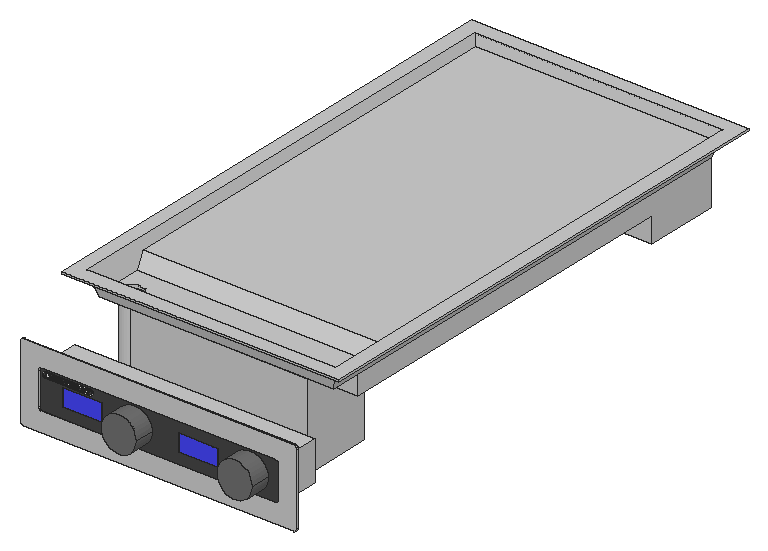
Revit family "QF_ADVENTYS_P2IM_8000_251211012235", category Specialty Equipment, Revit 2021
Family settings
  Round Connector Dimension = Use Diameter
  Part Type = Normal
  OmniClass Number = 23.40.40.14
  OmniClass Title = Food Service Equipment
  Work Plane-Based = No
  Always vertical = Yes
  Cut with Voids When Loaded = No
  Shared = No
  Room Calculation Point = No
Parameters (values of type "ADV2137")
  Weight in Pounds [instance] = 0
  Weight = 50.00 kg
  Warranty Start Date [instance] = ""
  Warranty Duration [instance] = ""
  Volts [instance] = 400 V
  URL Recommended Spares List = ""
  URL Manufacturer = ""
  URL Cutsheet = ""
  URL Critical Spares List = ""
  URL = "www.adventys.com"
  Tag Number [instance] = ""
  Status [instance] = ""
  Specification by User [instance] = ""
  Specification by Manufacturer [instance] = ""
  Sound Level [instance] = ""
  Solid Fuel Type [instance] = ""
  Service Life Duration [instance] = ""
  Serial Number [instance] = ""
  Seismic Rating [instance] = ""
  SMACNA No [instance] = ""
  Revision Code [instance] = ""
  Revision [instance] = ""
  Production Year [instance] = ""
  Point Load [instance] = 0
  Phase [instance] = 3
  Other Equipment Approvals [instance] = ""
  Number of Poles [instance] = 3
  NAFEM Spec ID Number [instance] = ""
  Model Warning [instance] = ""
  Model = "P2IM 8000"
  Min Ckt Ampacity [instance] = 0 A
  Max Overcurrent Protection [instance] = 16 A
  Masterspec [instance] = ""
  Manufacturer = "ADVENTYS"
  Length Actual = 394 mm
  Item Number [instance] = ""
  Installed By [instance] = ""
  Installation Date [instance] = ""
  Identify Quantity as Lot [instance] = no
  ID [instance] = ""
  Hygiene Approval [instance] = ""
  Hot Water Consumption = 0.0 L/s
  Height Actual = 158 mm
  HP power [instance] = ""
  Furnished By [instance] = ""
  Foodservice Equipment Identifier [instance] = no
  FL Amps [instance] = 12 A
  Electrical Remarks [instance] = "Plug not included"
  Electric power [instance] = 0 W
  Electric Connection Type [instance] = "Cord&Plug"
  Elec Conn RI Height [instance] = 0 mm
  Elec Conn Connection Height [instance] = 0 mm
  ETL Approved [instance] = no
  Description = "2 ZONES INDUCTION PLANCHA KIT"
  Depth Actual = 730 mm
  Default Elevation = 0 mm
  Cycle [instance] = 50 Hz
  Cost = 0
  Conn Plug [instance] = ""
  Conn Conduit [instance] = no
  CSI MasterFormat [instance] = ""
  CE Approved [instance] = no
  Barcode [instance] = 0
  Author [instance] = ""
  Asset Identifier [instance] = ""
  Apparent Power [instance] = 8000 VA
  Accessory = no
Reference planes
  plane 1 "Center (Front/Back)": y = 0
  plane 2: z = 0
  plane 3 "Center (Left/Right)": x = 0
Forms (mm)
  Extrusion 1, solid, not visible
    sketch origin (197.01, -625.031, -153.007) x (1, 0, 0) y (0, 1, 0)
      loop
        line (-2, 2) -> (-2, -2) -> (2, -2) -> (2, 2) -> (-2, 2)
    from -2 to 2
Dimensions and locks
  locked: nested 2 to Extrusion 1 at 2  (x2)
  aligned and locked: level to plane 2
Nested families
  nested 1: "QF_ADVENTYS_ADV2137_2916" at (0, 0, 0), type "ADV2137"
    with Status "", Show Logo yes, Show Clearance yes
  nested 2: "CONN_POINT_ELE_2D___Generic_Annotation" at (197.01, -625.031, -155.008), type "CONN_POINT_ELE_2D___Generic_Annotation"
    with Onboard connection annotation symbol visibility yes
Connectors
  electrical at (197.01, -625.031, -155.008), driven by "Apparent Power", driven by "Number of Poles", driven by "Volts"
    settings: on Extrusion 1, index 1, voltage 400 V, apparent load 0 VA, apparent load phase1 8000 VA, apparent load phase2 0 VA, apparent load phase3 0 VA, power factor 1, load classification "Other", number of poles 3, system type 31, power factor state 1, is connector primary yes, connector utility no, sub classification motor no, connector description "Electrical connection for P2IM 8000"
Definition of nested family "QF_ADVENTYS_ADV2137_2916"
  Parameters (values of type "ADV2137")
    URL = "www.adventys.com"
    Status [instance] = ""
    Show Logo [instance] = yes
    Show Clearance [instance] = yes
    Model = "P2IM 8000"
    Manufacturer = "ADVENTYS"
    Description = "2 ZONES INDUCTION PLANCHA KIT"
    Default Elevation = 0 mm
    Author = "SPECIFI"
    Assembly Code = "E1090320"
  Reference planes
    plane 1 "Back": y = 0
    plane 2: z = 0
    plane 3 "Left": x = 0
    plane 4 "Right": x = 394
    plane 5 "Front": y = -730
    plane 6 "Top": z = 0
    plane 7: x = 20
    plane 8: y = -774
    plane 9: x = 774
    plane 10: y = -20
  Forms (mm)
    Extrusion 1, solid
      sketch origin (0, 0, 0) x (1, 0, 0) y (0, 1, 0)
        loop
          line (0, 0) -> (0, -730) -> (394, -730) -> (394, 0) -> (0, 0)
        loop
          line (20, -20) -> (20, -710) -> (374, -710) -> (374, -20) -> (20, -20)
      from 0 to 2.5
    Extrusion 2, solid
      sketch origin (-2.5, 0, -32.5) x (1, 0, 0) y (0, 1, 0)
        loop
          line (32.5, -30) -> (32.5, -700) -> (366.5, -700) -> (366.5, -30) -> (32.5, -30)
        loop
          circle (58.944, -673.979) r 15
      from 0.02 to 5
    Extrusion 3, solid
      sketch origin (-26.583, 36.958, -160.53) x (1, 0, 0) y (0, 1, 0)
        loop
          circle (83.025, -710.938) r 16
        loop
          circle (83.025, -710.938) r 15
      from 5.53 to 128.05
    Extrusion 4, solid
      sketch origin (-30.462, 26.938, -160.53) x (0, 1, 0) y (0, 0, 1)
        loop
          line (-726.938, 128.05) -> (-726.938, 5.53) -> (-626.938, 5.53) -> (-626.938, 100.293) -> (-684.605, 100.293) -> (-684.605, 128.05) -> (-726.938, 128.05)
      from 105.003 to 356.962
    Extrusion 5, solid
      sketch origin (-394.544, 0, -160.53) x (0, 1, 0) y (0, 0, 1)
        loop
          line (-30, 128.05) -> (-657.668, 128.05) -> (-657.668, 100.293) -> (-134.785, 100.293) -> (-134.785, 65.293) -> (-30, 65.293) -> (-30, 128.05)
      from 424.544 to 758.544
    Extrusion 6, solid
      sketch origin (-43.52, 0, -160.53) x (0, 1, 0) y (0, 0, 1)
        loop
          line (-177.668, 100.293) -> (-543.586, 100.293) -> (-543.586, 52.447) -> (-177.668, 52.447) -> (-177.668, 100.293)
      from 133.021 to 348.018
    Extrusion 7, void
      sketch origin (0, 0, 0) x (1, 0, 0) y (0, 1, 0)
        loop
          line (0, 0) -> (0, -730) -> (394, -730) -> (394, 0) -> (0, 0)
      from -155 to 30
    Sweep 8, solid
      path origin (0, 0, 0) x (1, 0, 0) y (0, 1, 0)
        loop
          line (30, -30) -> (30, -700) -> (364, -700) -> (364, -30) -> (30, -30)
      profile origin (30, -365, 0) x (1, 0, 0) y (0, 0, 1)
        loop
          line (-10, 2.5) -> (-10, 0) -> (-11.184, 0) -> (0, -32.48) -> (0, -27.5) -> (-10, 2.5)
    Blend 9, solid
      base sketch origin (0, 0, 0) x (1, 0, 0) y (0, 1, 0)
        loop
          line (30, -30) -> (30, -633.9) -> (364, -633.9) -> (364, -30) -> (30, -30)
      top sketch origin (0, 0, 0) x (1, 0, 0) y (0, 1, 0)
        loop
          line (369.5, -616.9) -> (369.5, -24.5) -> (24.5, -24.5) -> (24.5, -616.9) -> (369.5, -616.9)
      from -27.5 to -10.928
    Extrusion 10, solid
      sketch origin (-2.5, -801.265, 380) x (1, 0, 0) y (0, 0, 1)
        loop
          arc (7.5, -430) -> (3.964, -431.464) -> (2.5, -435) r 5
          line (2.5, -435) -> (2.5, -535)
          arc (2.5, -535) -> (3.964, -538.536) -> (7.5, -540) r 5
          line (7.5, -540) -> (391.5, -540)
          arc (391.5, -540) -> (395.036, -538.536) -> (396.5, -535) r 5
          line (396.5, -535) -> (396.5, -435)
          arc (396.5, -435) -> (395.036, -431.464) -> (391.5, -430) r 5
          line (391.5, -430) -> (7.5, -430)
        loop
          arc (29, -508) -> (30.464, -511.536) -> (34, -513) r 5
          line (34, -513) -> (366, -513)
          arc (366, -513) -> (369.536, -511.536) -> (371, -508) r 5
          line (371, -508) -> (371, -462)
          arc (371, -462) -> (369.536, -458.464) -> (366, -457) r 5
          line (366, -457) -> (34, -457)
          arc (34, -457) -> (30.464, -458.464) -> (29, -462) r 5
          line (29, -462) -> (29, -508)
      from 0 to 2.5
    Extrusion 11, solid
      sketch origin (-2.5, -797.41, 380) x (1, 0, 0) y (0, 0, 1)
        loop
          arc (366, -513) -> (369.536, -511.536) -> (371, -508) r 5
          line (371, -508) -> (371, -462)
          arc (371, -462) -> (369.536, -458.464) -> (366, -457) r 5
          line (366, -457) -> (34, -457)
          arc (34, -457) -> (30.464, -458.464) -> (29, -462) r 5
          line (29, -462) -> (29, -508)
          arc (29, -508) -> (30.464, -511.536) -> (34, -513) r 5
          line (34, -513) -> (366, -513)
        loop
          line (61.853, -473.229) -> (61.853, -497.229) -> (117.853, -497.229) -> (117.853, -473.229) -> (61.853, -473.229)
        loop
          line (282.853, -473.229) -> (226.853, -473.229) -> (226.853, -497.229) -> (282.853, -497.229) -> (282.853, -473.229)
      from 2.051 to 5
    Extrusion 12, solid
      sketch origin (162.5, -801.265, 380) x (1, 0, 0) y (0, 0, 1)
        loop
          circle (164, -485) r 25
      from 0 to 28.5
    Extrusion 13, solid
      sketch origin (282, -801.265, 372) x (0, 0, 1) y (0, -1, 0)
        loop
          line (-505, 0) -> (-505, -61.265) -> (-449, -61.265) -> (-449, 0) -> (-505, 0)
      from -255.5 to 86.5
    Extrusion 14, solid
      sketch origin (-2.5, -801.265, 380) x (1, 0, 0) y (0, 0, 1)
        loop
          circle (164, -485) r 25
      from 0 to 28.5
    Extrusion 15, solid
      sketch origin (352.953, -798.731, -48.278) x (0, 0, -1) y (1, 0, 0)
        loop
          line (44.95, -293.6) -> (68.95, -293.6) -> (68.95, -237.6) -> (44.95, -237.6) -> (44.95, -293.6)
      from 1.881 to 3.679
    Extrusion 16, solid
      sketch origin (517.953, -798.731, -48.278) x (0, 0, -1) y (1, 0, 0)
        loop
          line (44.95, -293.6) -> (68.95, -293.6) -> (68.95, -237.6) -> (44.95, -237.6) -> (44.95, -293.6)
      from 1.881 to 3.679
    Extrusion 17, solid, visible <- "Show Logo"
      sketch origin (-52.261, -625.64, 338.372) x (1, 0, 0) y (0, 0, 1)
        loop
          arc (88.581, -421.313) -> (88.113, -421.507) -> (87.92, -421.974) r 0.661
          line (87.92, -421.974) -> (87.92, -423.61)
          arc (87.92, -423.61) -> (88.124, -424.087) -> (88.609, -424.27) r 0.661
          line (88.609, -424.27) -> (88.609, -423.032)
          arc (88.609, -423.032) -> (88.952, -422.351) -> (89.662, -422.077) r 1.058
          line (89.662, -422.077) -> (92.486, -422.077)
          arc (92.486, -422.077) -> (92.335, -421.544) -> (91.833, -421.313) r 0.661
          line (91.833, -421.313) -> (88.581, -421.313)
        loop
          arc (88.581, -420.916) -> (87.833, -421.226) -> (87.523, -421.974) r 1.058
          line (87.523, -421.974) -> (87.523, -423.61)
          arc (87.523, -423.61) -> (87.843, -424.368) -> (88.609, -424.667) r 1.058
          arc (88.609, -424.667) -> (88.88, -425.483) -> (89.667, -425.828) r 1.058
          arc (89.667, -425.828) -> (89.974, -426.583) -> (90.725, -426.896) r 1.058
          line (90.725, -426.896) -> (93.719, -426.896)
          arc (93.719, -426.896) -> (94.467, -426.586) -> (94.777, -425.838) r 1.058
          line (94.777, -425.838) -> (94.777, -424.306)
          arc (94.777, -424.306) -> (94.463, -423.554) -> (93.708, -423.248) r 1.058
          arc (93.708, -423.248) -> (93.515, -422.517) -> (92.883, -422.101) r 1.058
          arc (92.883, -422.101) -> (92.625, -421.273) -> (91.833, -420.916) r 1.058
          line (91.833, -420.916) -> (88.581, -420.916)
        loop
          arc (93.719, -426.499) -> (94.187, -426.306) -> (94.38, -425.838) r 0.661
          line (94.38, -425.838) -> (94.38, -424.306)
          arc (94.38, -424.306) -> (94.185, -423.837) -> (93.714, -423.645) r 0.661
          line (93.714, -423.645) -> (93.714, -424.77)
          arc (93.714, -424.77) -> (93.404, -425.518) -> (92.656, -425.828) r 1.058
          line (92.656, -425.828) -> (90.064, -425.828)
          arc (90.064, -425.828) -> (90.254, -426.302) -> (90.725, -426.499) r 0.661
          line (90.725, -426.499) -> (93.719, -426.499)
        loop
          arc (95.546, -425.156) -> (95.587, -425.684) -> (96.116, -425.67) r 0.384
          line (96.116, -425.67) -> (96.845, -424.94) -> (99.743, -424.94) -> (100.472, -425.67)
          arc (100.472, -425.67) -> (101.001, -425.684) -> (101.042, -425.156) r 0.384
          line (101.042, -425.156) -> (98.294, -421.762) -> (95.546, -425.156)
        loop
          line (98.294, -423.127) -> (97.364, -424.275) -> (99.224, -424.275) -> (98.294, -423.127)
        loop
          line (102.315, -421.827) -> (102.315, -425.732) -> (105.995, -425.732)
          arc (105.995, -425.732) -> (107.947, -423.78) -> (105.995, -421.827) r 1.953
          line (105.995, -421.827) -> (102.315, -421.827)
        loop
          line (105.995, -422.854) -> (103.343, -422.854) -> (103.343, -424.705) -> (105.995, -424.705)
          arc (105.995, -424.705) -> (106.92, -423.78) -> (105.995, -422.854) r 0.925
        loop
          arc (109.84, -422.053) -> (109.312, -422.039) -> (109.27, -422.566) r 0.384
          line (109.27, -422.566) -> (112.019, -425.961) -> (114.767, -422.566)
          arc (114.767, -422.566) -> (114.725, -422.039) -> (114.197, -422.053) r 0.384
          line (114.197, -422.053) -> (112.019, -424.743) -> (109.84, -422.053)
        loop
          line (121.269, -421.781) -> (116.07, -421.781) -> (116.07, -425.732) -> (121.269, -425.732)
          arc (121.269, -425.732) -> (121.671, -425.331) -> (121.269, -424.93) r 0.401
          line (121.269, -424.93) -> (116.972, -424.93) -> (116.972, -424.139) -> (121.269, -424.139)
          arc (121.269, -424.139) -> (121.633, -423.775) -> (121.269, -423.412) r 0.363
          line (121.269, -423.412) -> (116.972, -423.412) -> (116.972, -422.583) -> (121.269, -422.583)
          arc (121.269, -422.583) -> (121.671, -422.182) -> (121.269, -421.781) r 0.401
        loop
          line (122.879, -422.331) -> (122.879, -425.274)
          arc (122.879, -425.274) -> (123.306, -425.701) -> (123.733, -425.274) r 0.427
          line (123.733, -425.274) -> (123.733, -423.122) -> (127.538, -425.5)
          arc (127.538, -425.5) -> (128.155, -425.516) -> (128.468, -424.984) r 0.608
          line (128.468, -424.984) -> (128.468, -422.254)
          arc (128.468, -422.254) -> (128.018, -421.804) -> (127.568, -422.254) r 0.45
          line (127.568, -422.254) -> (127.568, -424.337) -> (123.663, -421.897)
          arc (123.663, -421.897) -> (123.143, -421.883) -> (122.879, -422.331) r 0.513
        loop
          arc (130.273, -421.857) -> (129.778, -422.352) -> (130.273, -422.846) r 0.494
          line (130.273, -422.846) -> (132.065, -422.846) -> (132.065, -425.082)
          arc (132.065, -425.082) -> (132.54, -425.558) -> (133.016, -425.082) r 0.475
          line (133.016, -425.082) -> (133.016, -422.846) -> (134.724, -422.846)
          arc (134.724, -422.846) -> (135.218, -422.352) -> (134.724, -421.857) r 0.494
          line (134.724, -421.857) -> (130.273, -421.857)
        loop
          line (139.461, -423.175) -> (137.5, -421.853)
          arc (137.5, -421.853) -> (136.836, -421.982) -> (136.965, -422.646) r 0.479
          line (136.965, -422.646) -> (138.926, -423.969) -> (138.926, -425.108)
          arc (138.926, -425.108) -> (139.461, -425.643) -> (139.997, -425.108) r 0.535
          line (139.997, -425.108) -> (139.997, -423.969) -> (141.958, -422.646)
          arc (141.958, -422.646) -> (142.087, -421.982) -> (141.423, -421.853) r 0.479
          line (141.423, -421.853) -> (139.461, -423.175)
        loop
          line (148.501, -421.857) -> (144.795, -421.857)
          arc (144.795, -421.857) -> (143.661, -422.991) -> (144.795, -424.125) r 1.134
          line (144.795, -424.125) -> (147.852, -424.125)
          arc (147.852, -424.125) -> (148.265, -424.538) -> (147.852, -424.951) r 0.413
          line (147.852, -424.951) -> (144.128, -424.951)
          arc (144.128, -424.951) -> (143.786, -425.292) -> (144.128, -425.634) r 0.342
          line (144.128, -425.634) -> (148.218, -425.634)
          arc (148.218, -425.634) -> (148.994, -424.394) -> (147.885, -423.44) r 1.122
          line (147.885, -423.44) -> (144.736, -423.44)
          arc (144.736, -423.44) -> (144.286, -422.99) -> (144.736, -422.541) r 0.45
          line (144.736, -422.541) -> (148.501, -422.541)
          arc (148.501, -422.541) -> (148.843, -422.199) -> (148.501, -421.857) r 0.342
        loop
          arc (87.442, -420.162) -> (83.674, -423.931) -> (87.442, -427.699) r 3.769
          line (87.442, -427.699) -> (150.103, -427.699)
          arc (150.103, -427.699) -> (153.872, -423.931) -> (150.103, -420.162) r 3.769
          line (150.103, -420.162) -> (87.442, -420.162)
        loop
          arc (87.442, -419.771) -> (83.283, -423.931) -> (87.442, -428.091) r 4.16
          line (87.442, -428.091) -> (150.103, -428.091)
          arc (150.103, -428.091) -> (154.263, -423.931) -> (150.103, -419.771) r 4.16
          line (150.103, -419.771) -> (87.442, -419.771)
      from 176.77 to 176.97
    Extrusion 18, void
      sketch origin (-2.5, -801.265, 380) x (1, 0, 0) y (0, 0, 1)
        loop
          line (29, -457) -> (29, -513) -> (371, -513) -> (371, -457) -> (29, -457)
      from -61.265 to 28.5
    Extrusion 19, solid
      sketch origin (-39.812, 49, -1.847) x (1, 0, 0) y (0, 1, 0)
        loop
          circle (236.812, -674.042) r 9
      from -155.45 to -153.153
    Extrusion 20, solid
      sketch origin (-117.537, 82.889, -160.53) x (1, 0, 0) y (0, 1, 0)
        loop
          circle (314.537, -165.102) r 49.75
        loop
          circle (314.537, -165.102) r 47.75
      from 29.48 to 65.293
  Cuts and joins
    joined: Extrusion 1, Extrusion 2, Sweep 8
  Lines and regions (mm)
    symbolic lines
      curve 1: line (394, 0, 0) -> (0, 0, 0)
      curve 2: line (0, 0, 0) -> (0, -730, 0)
      curve 3: line (394, -730, 0) -> (394, 0, 0)
      curve 4: line (0, -730, 0) -> (394, -730, 0)
      curve 5: line (374, -710, 0) -> (374, -20, 0)
      curve 6: line (20, -710, 0) -> (374, -710, 0)
      curve 7: line (374, -710, 0) -> (364, -700, 0)
      curve 8: line (364, -700, 0) -> (30, -700, 0)
      curve 9: line (30, -700, 0) -> (20, -710, 0)
      curve 10: line (20, -20, 0) -> (20, -710, 0)
      curve 11: line (24.5, -24.5, 0) -> (24.5, -616.9, 0)
      curve 12: line (24.5, -616.9, 0) -> (369.5, -616.9, 0)
      curve 13: line (30, -633.9, 0) -> (24.5, -616.9, 0)
      curve 14: line (364, -633.9, 0) -> (30, -633.9, 0)
      curve 15: line (364, -633.9, 0) -> (369.5, -616.9, 0)
      curve 16: line (369.5, -616.9, 0) -> (369.5, -24.5, 0)
      curve 17: line (364, -633.9, 0) -> (364, -700, 0)
      curve 18: line (30, -700, 0) -> (30, -633.9, 0)
      curve 19: line (369.5, -24.5, 0) -> (24.5, -24.5, 0)
      curve 20: line (374, -20, 0) -> (20, -20, 0)
      curve 21: line (374, -20, 0) -> (369.5, -24.5, 0)
      curve 22: line (20, -20, 0) -> (24.5, -24.5, 0)
      curve 23: arc (41.444, -673.979, 0) -> (56.444, -658.979, 0) -> (71.444, -673.979, 0) r 15
      curve 24: arc (71.444, -673.979, 0) -> (56.444, -688.979, 0) -> (41.444, -673.979, 0) r 15
      curve 25: line (394, -801.265, 0) -> (0, -801.265, 0)
      curve 26: line (394, -803.765, 0) -> (394, -801.265, 0)
      curve 27: line (0, -803.765, 0) -> (394, -803.765, 0)
      curve 28: line (0, -801.265, 0) -> (0, -803.765, 0)
      curve 29: line (14, -801.265, 0) -> (14, -740, 0)
      curve 30: line (14, -740, 0) -> (381, -740, 0)
      curve 31: line (381, -740, 0) -> (381, -801.265, 0)
      curve 32: line (351.5, -829.765, 0) -> (351.5, -803.765, 0)
      curve 33: line (351.5, -829.765, 0) -> (301.5, -829.765, 0)
      curve 34: line (301.5, -829.765, 0) -> (301.5, -803.765, 0)
      curve 35: line (186.5, -829.765, 0) -> (186.5, -803.765, 0)
      curve 36: line (186.5, -829.765, 0) -> (136.5, -829.765, 0)
      curve 37: line (136.5, -829.765, 0) -> (136.5, -803.765, 0)
  Dimensions and locks
    plane 1 "Back" to plane 5 "Front" = 730 mm
    plane 3 "Left" to plane 4 "Right" = 394 mm
    aligned and locked: level to plane 2
Definition of nested family "CONN_POINT_ELE_2D___Generic_Annotation"
  Parameters (values of type "CONN_POINT_ELE_2D___Generic_Annotation")
    Onboard connection annotation symbol visibility [instance] = yes
  Reference planes
    plane 1: y = 0
    plane 2: x = 0
  Lines and regions (mm)
    detail lines, visible <- "Onboard connection annotation symbol visibility"
      curve 1: circle (0, 0, 0) r 0.5 normal (0, 0, 1)
      curve 2: line (-1, 0, 0) -> (1, 0, 0)
      curve 3: line (0, 1, 0) -> (0, -1, 0)
      curve 4: line (2.5, 1, 0) -> (1.25, 1, 0)
      curve 5: line (1.25, 1, 0) -> (1.25, -1, 0)
      curve 6: line (1.25, -1, 0) -> (2.5, -1, 0)
      curve 7: line (1.25, 0, 0) -> (2, 0, 0)
